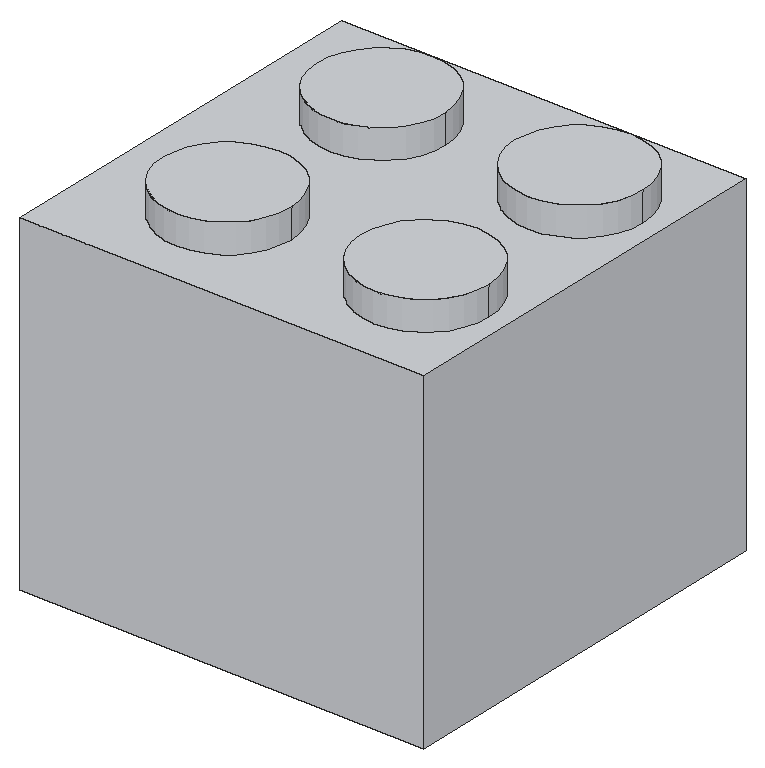
Revit family "d467ba471e5942b3a21b45a4b7968a3f", category Mechanical Equipment, Revit 2021
Family settings
  Round Connector Dimension = Use Radius
  Part Type = Normal
  OmniClass Number = 23.75.10.24.21.11.11
  OmniClass Title = Packaged Refrigerant Condensing Coils and Fan Units
  Seek Item ID = Condenser - Air Cooled - Horizontal - 614-1819 MBH-0000-USA-ENU
  Work Plane-Based = No
  Always vertical = Yes
  Cut with Voids When Loaded = No
  Shared = No
  Room Calculation Point = No
Parameters (values of type "614 MBH")
  Voltage = 460 V
  Visiblity 3 = no
  Visibility 2 = no
  Visibility 1 = no
  Radius 1 = Diameter 1 / 2  # 1' - 2"
  Outlet Radius = 5/16"
  Outlet Diameter = 2 * Outlet Radius  # 5/8"
  Number of Poles = 3
  Load Classification = Cooling
  Length 2 = 4' - 6"
  Length 1 = 3' - 7 1/4"
  Inlet Radius = 9/16"
  Inlet Diameter = 2 * Inlet Radius  # 1 1/8"
  Height 1 = 0' - 5"
  Diameter 1 = 2' - 4"
  Default Elevation = 0' - 0"
  Condenser Width = 7' - 4 1/8"
  Condenser Material = none
  Condenser Length = 7' - 4 1/4"
  Condenser Height = 6' - 1"
  C4 Offset 2 = 5' - 0 5/8"
  C4 Offset 1 = 0' - 10 7/8"
  C3 Offset 2 = 5' - 5"
  C3 Offset 1 = 5' - 10 1/4"
  C2 Offset 2 = 2' - 3 3/4"
  C2 Offset 1 = 6' - 11 3/4"
  C1 Offset 2 = 1' - 11 3/8"
  C1 Offset 1 = 2' - 0 1/4"
  Apparent Load [instance] = 3542 VA
Types (7): name | Visiblity 3 | Visibility 2 | Visibility 1 | Radius 1 | Outlet Radius | Outlet Diameter | Length 2 | Length 1 | Inlet Radius | Inlet Diameter | Diameter 1 | Condenser Length | C4 Offset 2 | C4 Offset 1 | C3 Offset 2 | C3 Offset 1 | C2 Offset 2 | C2 Offset 1 | C1 Offset 2 | C1 Offset 1 | Apparent Load
  (no name) | no | no | no | 1' - 2" | 5/16" | 5/8" | 4' - 6" | 3' - 7 1/4" | 9/16" | 1 1/8" | 2' - 4" | 7' - 4 1/4" | 5' - 0 5/8" | 0' - 10 7/8" | 5' - 5" | 5' - 10 1/4" | 2' - 3 3/4" | 6' - 11 3/4" | 1' - 11 3/8" | 2' - 0 1/4" | 3542 VA
  614 MBH | no | no | no | 1' - 2" | 5/16" | 5/8" | 4' - 6" | 3' - 7 1/4" | 9/16" | 1 1/8" | 2' - 4" | 7' - 4 1/4" | 5' - 0 5/8" | 0' - 10 7/8" | 5' - 5" | 5' - 10 1/4" | 2' - 3 3/4" | 6' - 11 3/4" | 1' - 11 3/8" | 2' - 0 1/4" | 3542 VA
  712 MBH | no | no | yes | 1' - 2" | 5/16" | 5/8" | 4' - 6" | 2' - 9" | 11/16" | 1 3/8" | 2' - 4" | 9' - 5 7/8" | 5' - 0 3/4" | 0' - 11 7/8" | 5' - 5 1/8" | 6' - 1 1/4" | 2' - 3 1/2" | 7' - 8 3/4" | 1' - 11 1/4" | 3' - 11 1/4" | 5198 VA
  888 MBH | no | no | yes | 1' - 3" | 7/16" | 7/8" | 4' - 6" | 2' - 9" | 11/16" | 1 3/8" | 2' - 6" | 9' - 5 7/8" | 5' - 0 3/4" | 0' - 11 7/8" | 5' - 5 1/8" | 6' - 1 1/4" | 2' - 3 1/2" | 7' - 8 3/4" | 1' - 11 1/4" | 3' - 11 1/4" | 5198 VA
  1244 MBH | no | yes | yes | 1' - 2" | 7/16" | 7/8" | 4' - 6" | 3' - 7 1/8" | 13/16" | 1 5/8" | 2' - 4" | 14' - 8 1/4" | 5' - 9 1/4" | 1' - 10" | 1' - 5" | 12' - 1 1/2" | 6' - 2 3/4" | 1' - 10" | 1' - 2 1/8" | 7' - 0 1/8" | 6900 VA
  1425 MBH | yes | no | yes | 1' - 3" | 9/16" | 1 1/8" | 3' - 11" | 2' - 8 3/4" | 13/16" | 1 5/8" | 2' - 6" | 18' - 11 1/4" | 5' - 9 1/2" | 1' - 10" | 0' - 7 3/8" | 15' - 6 1/4" | 6' - 2 1/2" | 1' - 10" | 0' - 9 3/8" | 9' - 2 1/4" | 10120 VA
  1819 MBH | yes | no | yes | 1' - 3" | 9/16" | 1 1/8" | 3' - 11" | 2' - 8 3/4" | 1 1/16" | 2 1/8" | 2' - 6" | 18' - 11 1/4" | 5' - 9 1/2" | 1' - 10" | 0' - 9 3/8" | 15' - 10 3/8" | 6' - 2 1/2" | 1' - 10" | 0' - 9 3/8" | 9' - 2 1/4" | 10120 VA
Reference planes (in)
  plane 1 "Center (Front/Back)": y = 0
  plane 2: z = 0
  plane 3 "Center (Left/Right)": x = 0
  plane 4: x = 88.25
  plane 5: y = -88.125
  plane 6: z = 73
  plane 7: x = 2.5
  plane 8: x = 85.75
  plane 9: y = -2.5
  plane 10: y = -85.625
  plane 11: z = 5
  plane 12: x = 8
  plane 13: y = -85.375
  plane 14: y = -43.625
  plane 15: z = 70.25
  plane 16: z = 35.25
  plane 17: x = 70.25
  plane 18: y = -65.125
  plane 19: y = -23
  plane 20: z = 79.375
  plane 21: x = 27
  plane 22: x = -16.25
  plane 23: x = -59.5
  plane 24: x = -70.25
  plane 25: x = -113.5
  plane 26: x = -156.75
  plane 27: x = 70.25
  plane 28: y = -23.125
  plane 29: x = 10.875
  plane 30: y = -27.5
  plane 31: x = 24.25
  plane 32: y = -64.75
  plane 33: x = 83.75
  plane 34: y = -60.375
  plane 35: x = 3.625
  plane 36: y = -81
Forms (in)
  Extrusion 1, solid, material <- "Condenser Material"
    sketch origin (0, 0, 0) x (1, 0, 0) y (0, 1, 0)
      loop
        line (0, 0) -> (0, -88.125) -> (88.25, -88.125) -> (88.25, 0) -> (0, 0)
    from 0 to 73
  Extrusion 2, void
    sketch origin (0, 0, 0) x (1, 0, 0) y (0, 1, 0)
      loop
        line (2.5, -2.5) -> (2.5, -85.625) -> (85.75, -85.625) -> (85.75, -2.5) -> (2.5, -2.5)
    from 0 to 5
  Extrusion 3, void
    sketch origin (0, 0, 0) x (1, 0, 0) y (0, 1, 0)
      loop
        line (0, -43.625) -> (0, -85.375) -> (8, -85.375) -> (8, -43.625) -> (0, -43.625)
    from 35.25 to 70.25
  Extrusion 4, solid, material <- "Condenser Material"
    sketch origin (0, 0, 0) x (1, 0, 0) y (0, 1, 0)
      loop
        circle (70.25, -23) r 14
    from 73 to 79.375
  Extrusion 5, solid, material <- "Condenser Material"
    sketch origin (0, 0, 0) x (1, 0, 0) y (0, 1, 0)
      loop
        circle (70.25, -65.125) r 14
    from 73 to 79.375
  Extrusion 6, solid, material <- "Condenser Material"
    sketch origin (0, 0, 0) x (1, 0, 0) y (0, 1, 0)
      loop
        circle (27, -23) r 14
    from 73 to 79.375
  Extrusion 7, solid, material <- "Condenser Material"
    sketch origin (0, 0, 0) x (1, 0, 0) y (0, 1, 0)
      loop
        circle (27, -65.125) r 14
    from 73 to 79.375
  Extrusion 8, solid, material <- "Condenser Material", visible <- "Visibility 1"
    sketch origin (0, 0, 0) x (1, 0, 0) y (0, 1, 0)
      loop
        circle (-16.25, -65.125) r 14
    from 73 to 79.375
  Extrusion 9, solid, material <- "Condenser Material", visible <- "Visibility 1"
    sketch origin (0, 0, 0) x (1, 0, 0) y (0, 1, 0)
      loop
        circle (-16.25, -23) r 14
    from 73 to 79.375
  Extrusion 10, solid, material <- "Condenser Material", visible <- "Visibility 2"
    sketch origin (0, 0, 0) x (1, 0, 0) y (0, 1, 0)
      loop
        circle (-59.5, -65.125) r 14
    from 73 to 79.375
  Extrusion 11, solid, material <- "Condenser Material", visible <- "Visibility 2"
    sketch origin (0, 0, 0) x (1, 0, 0) y (0, 1, 0)
      loop
        circle (-59.5, -23) r 14
    from 73 to 79.375
  Extrusion 12, solid, material <- "Condenser Material", visible <- "Visiblity 3"
    sketch origin (0, 0, 0) x (1, 0, 0) y (0, 1, 0)
      loop
        circle (-70.25, -23) r 14
    from 73 to 79.375
  Extrusion 13, solid, material <- "Condenser Material", visible <- "Visiblity 3"
    sketch origin (0, 0, 0) x (1, 0, 0) y (0, 1, 0)
      loop
        circle (-70.25, -65.125) r 14
    from 73 to 79.375
  Extrusion 14, solid, material <- "Condenser Material", visible <- "Visiblity 3"
    sketch origin (0, 0, 0) x (1, 0, 0) y (0, 1, 0)
      loop
        circle (-113.5, -65.125) r 14
    from 73 to 79.375
  Extrusion 15, solid, material <- "Condenser Material", visible <- "Visiblity 3"
    sketch origin (0, 0, 0) x (1, 0, 0) y (0, 1, 0)
      loop
        circle (-113.5, -23) r 14
    from 73 to 79.375
  Extrusion 16, solid, material <- "Condenser Material", visible <- "Visiblity 3"
    sketch origin (0, 0, 0) x (1, 0, 0) y (0, 1, 0)
      loop
        circle (-156.75, -65.125) r 14
    from 73 to 79.375
  Extrusion 17, solid, material <- "Condenser Material", visible <- "Visiblity 3"
    sketch origin (0, 0, 0) x (1, 0, 0) y (0, 1, 0)
      loop
        circle (-156.75, -23) r 14
    from 73 to 79.375
  Extrusion 18, solid, material <- "Condenser Material"
    sketch origin (0, 0, 0) x (1, 0, 0) y (0, 1, 0)
      loop
        circle (70.25, -23.125) r 0.5
    from 5 to 35.25
  Extrusion 19, solid, material <- "Condenser Material"
    sketch origin (0, 0, 0) x (1, 0, 0) y (0, 1, 0)
      loop
        circle (10.875, -27.5) r 0.5
    from 5 to 35.25
  Extrusion 20, solid, material <- "Condenser Material"
    sketch origin (0, 0, 0) x (1, 0, 0) y (0, 1, 0)
      loop
        circle (24.25, -64.75) r 0.5
    from 5 to 35.25
  Extrusion 21, solid, material <- "Condenser Material"
    sketch origin (0, 0, 0) x (1, 0, 0) y (0, 1, 0)
      loop
        circle (83.75, -60.375) r 0.5
    from 5 to 35.25
  Extrusion 22, solid, material <- "Condenser Material"
    sketch origin (0, 0, 0) x (1, 0, 0) y (0, 1, 0)
      loop
        circle (3.625, -81) r 0.5
    from 35.25 to 5
Cuts and joins
  Extrusion 2, Extrusion 3 cuts Extrusion 1
  joined: Extrusion 1, Extrusion 18, Extrusion 19, Extrusion 20, Extrusion 21, Extrusion 22
  joined: Extrusion 12, Extrusion 13, Extrusion 14, Extrusion 15, Extrusion 16, Extrusion 17
  joined: Extrusion 10, Extrusion 11
  joined: Extrusion 8, Extrusion 9
  joined: Extrusion 4, Extrusion 5, Extrusion 6, Extrusion 7
Dimensions and locks (in)
  "Condenser Length": plane 3 "Center (Left/Right)" to plane 4
  "Condenser Width": plane 5 to plane 1 "Center (Front/Back)"
  "Condenser Height": plane 6 to plane 2
  locked: plane 3 "Center (Left/Right)" to plane 7 at 2.5
  locked: plane 8 to plane 4 at 2.5
  locked: plane 10 to plane 5 at 2.5
  locked: plane 1 "Center (Front/Back)" to plane 9 at 2.5
  "Height 1": plane 11 to plane 2
  locked: plane 3 "Center (Left/Right)" to plane 12 at 8
  locked: plane 13 to plane 5 at 2.75
  locked: plane 14 to plane 13 at 41.75
  locked: plane 6 to plane 15 at 2.75
  locked: plane 15 to plane 16 at 35
  locked: plane 17 to plane 4 at 18
  locked: plane 18 to plane 5 at 23
  locked: plane 19 to plane 1 "Center (Front/Back)" at 23
  locked: plane 20 to plane 6 at 6.375
  "Length 1": plane 21 to plane 17
  "Length 1": plane 22 to plane 21
  "Length 1": plane 23 to plane 22
  "Length 2": plane 24 to plane 22
  "Length 1": plane 25 to plane 24
  "Length 1": plane 26 to plane 25
  "C3 Offset 1": plane 3 "Center (Left/Right)" to plane 27
  "C3 Offset 2": plane 28 to plane 5
  "C4 Offset 1": plane 3 "Center (Left/Right)" to plane 29
  "C4 Offset 2": plane 30 to plane 5
  "C1 Offset 1": plane 3 "Center (Left/Right)" to plane 31
  "C1 Offset 2": plane 32 to plane 5
  "C2 Offset 1": plane 3 "Center (Left/Right)" to plane 33
  "C2 Offset 2": plane 34 to plane 5
  locked: plane 3 "Center (Left/Right)" to plane 35 at 3.625
  locked: plane 36 to plane 5 at 7.125
  "Radius 1": radius of Extrusion 4 sketch curve
  "Radius 1": radius of Extrusion 5 sketch curve
  "Radius 1": radius of Extrusion 7 sketch curve
  "Radius 1": radius of Extrusion 6 sketch curve
  "Radius 1": radius of Extrusion 8 sketch curve
  "Radius 1": radius of Extrusion 9 sketch curve
  "Radius 1": radius of Extrusion 10 sketch curve
  "Radius 1": radius of Extrusion 11 sketch curve
  "Radius 1": radius of Extrusion 12 sketch curve
  "Radius 1": radius of Extrusion 13 sketch curve
  "Radius 1": radius of Extrusion 14 sketch curve
  "Radius 1": radius of Extrusion 15 sketch curve
  "Radius 1": radius of Extrusion 16 sketch curve
  "Radius 1": radius of Extrusion 17 sketch curve
  aligned and locked: plane 3 "Center (Left/Right)" to Extrusion 1 sketch curve
  aligned and locked: plane 1 "Center (Front/Back)" to Extrusion 1 sketch curve
  aligned and locked: plane 5 to Extrusion 1 sketch curve
  aligned and locked: Extrusion 1 sketch curve to plane 4
  aligned and locked: plane 6 to Extrusion 1
  aligned and locked: Extrusion 1 to plane 2
  aligned and locked: plane 7 to Extrusion 2 sketch curve
  aligned and locked: Extrusion 2 sketch curve to plane 9
  aligned and locked: plane 10 to Extrusion 2 sketch curve
  aligned and locked: Extrusion 2 sketch curve to plane 8
  aligned and locked: plane 11 to Extrusion 2
  aligned and locked: Extrusion 2 to plane 2
  aligned and locked: cut or joined group 1 (Extrusion 1, Extrusion 2, Extrusion 3, Extrusion 18, Extrusion 19, Extrusion 20, Extrusion 21, Extrusion 22) to Extrusion 3 sketch curve
  aligned and locked: plane 13 to Extrusion 3 sketch curve
  aligned and locked: Extrusion 3 sketch curve to plane 12
  aligned and locked: Extrusion 3 sketch curve to plane 14
  aligned and locked: plane 15 to Extrusion 3
  aligned and locked: Extrusion 3 to plane 16
  aligned and locked: plane 19 to Extrusion 4 sketch curve
  aligned and locked: plane 17 to Extrusion 4 sketch curve
  aligned and locked: plane 20 to Extrusion 4
  aligned and locked: Extrusion 4 to plane 6
  aligned and locked: plane 18 to Extrusion 5 sketch curve
  aligned and locked: plane 17 to Extrusion 5 sketch curve
  aligned and locked: Extrusion 5 to Extrusion 4
  aligned and locked: Extrusion 5 to plane 6
  aligned and locked: plane 19 to Extrusion 6 sketch curve
  aligned and locked: plane 21 to Extrusion 6 sketch curve
  aligned and locked: Extrusion 4 to Extrusion 6
  aligned and locked: Extrusion 6 to plane 6
  aligned and locked: plane 18 to Extrusion 7 sketch curve
  aligned and locked: plane 21 to Extrusion 7 sketch curve
  aligned and locked: Extrusion 4 to Extrusion 7
  aligned and locked: Extrusion 7 to plane 6
  aligned and locked: plane 18 to Extrusion 8 sketch curve
  aligned and locked: plane 22 to Extrusion 8 sketch curve
  aligned and locked: Extrusion 4 to Extrusion 8
  aligned and locked: Extrusion 8 to plane 6
  aligned and locked: plane 19 to Extrusion 9 sketch curve
  aligned and locked: plane 22 to Extrusion 9 sketch curve
  aligned and locked: Extrusion 4 to Extrusion 9
  aligned and locked: Extrusion 9 to plane 6
  aligned and locked: plane 18 to Extrusion 10 sketch curve
  aligned and locked: plane 23 to Extrusion 10 sketch curve
  aligned and locked: Extrusion 4 to Extrusion 10
  aligned and locked: Extrusion 10 to plane 6
  aligned and locked: plane 19 to Extrusion 11 sketch curve
  aligned and locked: plane 23 to Extrusion 11 sketch curve
  aligned and locked: Extrusion 4 to Extrusion 11
  aligned and locked: Extrusion 11 to plane 6
  aligned and locked: plane 19 to Extrusion 12 sketch curve
  aligned and locked: plane 24 to Extrusion 12 sketch curve
  aligned and locked: plane 20 to Extrusion 12
  aligned and locked: Extrusion 12 to plane 6
  aligned and locked: plane 18 to Extrusion 13 sketch curve
  aligned and locked: plane 24 to Extrusion 13 sketch curve
  aligned and locked: Extrusion 4 to Extrusion 13
  aligned and locked: Extrusion 13 to plane 6
  aligned and locked: plane 18 to Extrusion 14 sketch curve
  aligned and locked: plane 25 to Extrusion 14 sketch curve
  aligned and locked: Extrusion 4 to Extrusion 14
  aligned and locked: Extrusion 14 to plane 6
  aligned and locked: plane 19 to Extrusion 15 sketch curve
  aligned and locked: plane 25 to Extrusion 15 sketch curve
  aligned and locked: Extrusion 4 to Extrusion 15
  aligned and locked: Extrusion 15 to plane 6
  aligned and locked: plane 18 to Extrusion 16 sketch curve
  aligned and locked: plane 26 to Extrusion 16 sketch curve
  aligned and locked: plane 20 to Extrusion 16
  aligned and locked: Extrusion 16 to plane 6
  aligned and locked: plane 19 to Extrusion 17 sketch curve
  aligned and locked: plane 26 to Extrusion 17 sketch curve
  aligned and locked: plane 20 to Extrusion 17
  aligned and locked: Extrusion 17 to plane 6
  aligned and locked: plane 28 to Extrusion 18 sketch curve
  aligned and locked: plane 27 to Extrusion 18 sketch curve
  aligned and locked: Extrusion 18 to cut or joined group 1  (x2)
  aligned and locked: plane 30 to Extrusion 19 sketch curve
  aligned and locked: plane 29 to Extrusion 19 sketch curve
  aligned and locked: Extrusion 19 to cut or joined group 1  (x2)
  aligned and locked: plane 32 to Extrusion 20 sketch curve
  aligned and locked: plane 31 to Extrusion 20 sketch curve
  aligned and locked: Extrusion 20 to cut or joined group 1  (x2)
  aligned and locked: plane 34 to Extrusion 21 sketch curve
  aligned and locked: plane 33 to Extrusion 21 sketch curve
  aligned and locked: plane 16 to Extrusion 21
  aligned and locked: Extrusion 21 to cut or joined group 1
  aligned and locked: plane 36 to Extrusion 22 sketch curve
  aligned and locked: plane 35 to Extrusion 22 sketch curve
  aligned and locked: Extrusion 22 to cut or joined group 1  (x2)
Automatic sketch dimensions
  radius of Extrusion 18 sketch curve = 0' - 0 1/2"
  radius of Extrusion 19 sketch curve = 0' - 0 1/2"
  radius of Extrusion 20 sketch curve = 0' - 0 1/2"
  radius of Extrusion 21 sketch curve = 0' - 0 1/2"
  radius of Extrusion 22 sketch curve = 0' - 0 1/2"
Connectors (in)
  piping at (83.75, -60.375, 5), diameter 0.625, driven by "Outlet Radius"
    settings: on Extrusion 21, index 1, connector inside diameter 5/8", connector length 0' - 0", flow factor 0, pipe flow 0 GPM, pressure drop 0.00 psi, fitting loss kfactor 0, connector angle 0.00°, fixture units 0, engagement length 0' - 0", angle of deflection 0.00°, flow configuration 0, flow direction 2, fitting loss method 0, system type 22, joint type 0, gender type 0, connector reference index 4, connector utility 0, adjustable connector no, is connector primary yes, connector description "Cryogen Out"
  piping at (24.25, -64.75, 5), diameter 1.125, driven by "Inlet Radius"
    settings: on Extrusion 20, index 2, connector inside diameter 1 1/8", connector length 0' - 0", flow factor 0, pipe flow 0 GPM, pressure drop 0.00 psi, fitting loss kfactor 0, connector angle 0.00°, fixture units 0, engagement length 0' - 0", angle of deflection 0.00°, flow configuration 0, flow direction 1, fitting loss method 0, system type 22, joint type 0, gender type 0, connector reference index 3, connector utility 0, adjustable connector no, is connector primary no, connector description "Cryogen In"
  piping at (10.875, -27.5, 5), diameter 0.625, driven by "Outlet Radius"
    settings: on Extrusion 19, index 3, connector inside diameter 5/8", connector length 0' - 0", flow factor 0, pipe flow 0 GPM, pressure drop 0.00 psi, fitting loss kfactor 0, connector angle 0.00°, fixture units 0, engagement length 0' - 0", angle of deflection 0.00°, flow configuration 0, flow direction 2, fitting loss method 0, system type 22, joint type 0, gender type 0, connector reference index 2, connector utility 0, adjustable connector no, is connector primary no, connector description "Cryogen Out"
  piping at (70.25, -23.125, 5), diameter 1.125, driven by "Inlet Radius"
    settings: on Extrusion 18, index 4, connector inside diameter 1 1/8", connector length 0' - 0", flow factor 0, pipe flow 0 GPM, pressure drop 0.00 psi, fitting loss kfactor 0, connector angle 0.00°, fixture units 0, engagement length 0' - 0", angle of deflection 0.00°, flow configuration 0, flow direction 1, fitting loss method 0, system type 22, joint type 0, gender type 0, connector reference index 1, connector utility 0, adjustable connector no, is connector primary no, connector description "Cryogen In"
  electrical at (3.625, -81, 35.25), driven by "Apparent Load", driven by "Voltage", driven by "Number of Poles", driven by "Load Classification"
    settings: on Extrusion 22, index 5, voltage 460 V, apparent load 3542 VA, apparent load phase1 0 VA, apparent load phase2 0 VA, apparent load phase3 0 VA, power factor 0.8, load classification "Cooling", number of poles 3, system type 30, power factor state 1, is connector primary yes, connector utility no, sub classification motor no, connector description ""
